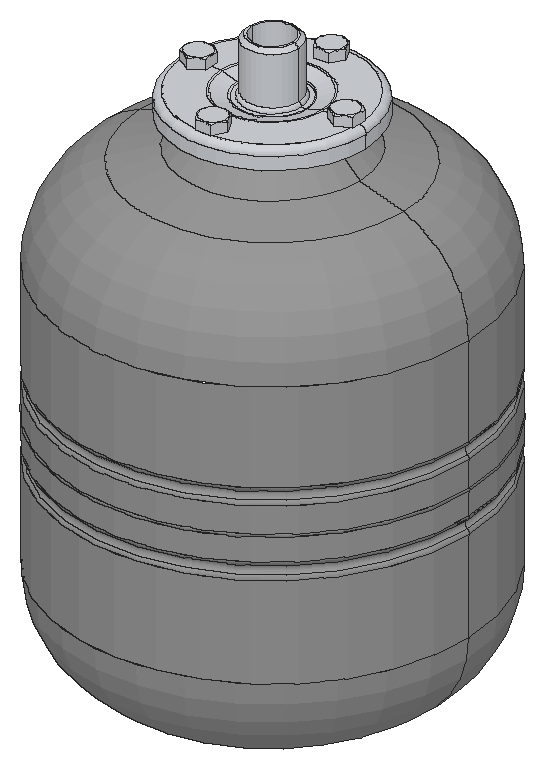
Revit family "WDV 8", category Оборудование, Revit 2014
Parameters
  Описание = "Мембранный бак для ГВС V=8л, Py=12бар, 3/4\""
  Материал крышки = Черная резина
  Материал = Белая краска
  Масса кг = "1.65"
  Крышка [instance] = yes
  Комментарии к типоразмеру = "WDV 8"
  Изготовитель = "WESTER"  # constant formula
  URL = "http://www.wester.su/"
Reference planes
  plane 1 "По центру (Вперед/Назад)": y = 0
  plane 2: z = 0
  plane 3 "По центру (Влево/Вправо)": x = 0
  plane 4: z = 161.5
Forms (mm)
  Revolve 1, solid, material "Белая краска" <- "Материал"
    sketch origin (-161.5, 0, 141.055) x (0, 0, -1) y (1, 0, 0)
      loop
        line (76.813, 261.5) -> (29.754, 261.5)
        arc (29.754, 261.5) -> (28.584, 261.203) -> (27.684, 260.4) r 2.535
        arc (27.684, 260.4) -> (25.587, 259.296) -> (23.49, 260.4) r 2.544
        arc (23.49, 260.4) -> (22.59, 261.203) -> (21.421, 261.5) r 2.535
        line (21.421, 261.5) -> (9.956, 261.5)
        arc (9.956, 261.5) -> (9.264, 261.702) -> (8.572, 261.5) r 1.285
        line (8.572, 261.5) -> (-4.277, 261.5)
        arc (-4.277, 261.5) -> (-5.446, 261.203) -> (-6.346, 260.4) r 2.535
        arc (-6.346, 260.4) -> (-8.443, 259.296) -> (-10.54, 260.4) r 2.544
        arc (-10.54, 260.4) -> (-11.44, 261.203) -> (-12.61, 261.5) r 2.535
        line (-12.61, 261.5) -> (-58.408, 261.5)
        arc (-58.408, 261.5) -> (-87.24, 252.323) -> (-105.464, 228.17) r 49.882
        arc (-105.464, 228.17) -> (-109.012, 217.207) -> (-112.001, 206.078) r 227.981
        line (-112.001, 206.078) -> (-127.507, 190.572) -> (-127.507, 161.5) -> (124.057, 161.5) -> (124.057, 168.355)
        arc (124.057, 168.355) -> (124.128, 168.929) -> (124.385, 169.448) r 1.727
        line (124.385, 169.448) -> (133.11, 181.457)
        arc (133.11, 181.457) -> (133.877, 183.027) -> (134.063, 184.765) r 5.05
        arc (134.063, 184.765) -> (130.277, 206.679) -> (124.073, 228.034) r 199.361
        arc (124.073, 228.034) -> (105.768, 252.286) -> (76.813, 261.5) r 50.104
      axis (-127.507, 161.5) -> (134.063, 161.5)
    angle from 0 to 360
  Revolve 2, solid
    sketch origin (0, 0, 0) x (1, 0, 0) y (0, 0, 1)
      loop
        line (0, 268.559) -> (47.492, 268.559) -> (47.492, 274.974)
        arc (47.492, 274.974) -> (46.496, 277.464) -> (44.023, 278.5) r 3.47
        line (44.023, 278.5) -> (26.157, 278.5)
        arc (26.157, 278.5) -> (25.726, 278.448) -> (25.304, 278.35) r 3.918
        line (25.304, 278.35) -> (17.835, 276.159)
        arc (17.835, 276.159) -> (17.456, 276.04) -> (17.06, 276) r 1.968
        line (17.06, 276) -> (14.531, 276)
        arc (14.531, 276) -> (14.187, 277.207) -> (13.224, 278.012) r 2.132
        line (13.224, 278.012) -> (13.224, 302.006) -> (11.23, 304) -> (10.273, 304) -> (10.273, 278.5) -> (0, 278.5) -> (0, 268.559)
      axis (0, 304) -> (0, 268.559)
    angle from 0 to 360
  Revolve 3, solid
    sketch origin (0, 0, 0) x (1, 0, 0) y (0, 0, 1)
      loop
        line (3.985, 0.986) -> (3.985, 12.498) -> (6.063, 12.498) -> (6.063, 16.998) -> (0, 16.998) -> (0, -0.002) -> (2.997, -0.002) -> (3.985, 0.986)
      axis (0, 16.998) -> (0, -0.002)
    angle from 0 to 360
  Revolve 4, solid, material "Черная резина" <- "Материал крышки", visible <- "Крышка"
    sketch origin (0, 0, 0) x (1, 0, 0) y (0, 0, 1)
      loop
        line (0, -1.198) -> (0, 16.998) -> (-6.855, 16.998) -> (-21.971, 6.413) -> (-14.359, -1.198) -> (0, -1.198)
      axis (0, 16.998) -> (0, -1.198)
    angle from 0 to 360
Dimensions and locks
  aligned and locked: level to plane 2
Nested families
  nested 1: "Болт" at (-37.508, 0, 278.5) x (0, -1, 0) z (0, 0, 1), type "Болт"
  nested 2: "Болт" at (0, -37.5, 278.5) x (-1, 0, 0) z (0, 0, 1), type "Болт"
  nested 3: "Болт" at (0, 37.5, 278.5) x (-1, 0, 0) z (0, 0, 1), type "Болт"
  nested 4: "Болт" at (37.492, 0, 278.5) x (0, -1, 0) z (0, 0, 1), type "Болт"
Connectors
  piping at (0, 0, 304), diameter 20
    settings: on Revolve 2, index 1, connector inside diameter 609.6 mm, connector length 0 mm, flow factor 0, pipe flow 0.0 L/s, pressure drop 0.0 Pa, fitting loss kfactor 0, connector angle 0.00°, fixture units 0, engagement length 0 mm, angle of deflection 0.00°, flow configuration 1, flow direction 0, fitting loss method 0, system type 29, joint type 0, gender type 0, connector reference index -1, connector utility 0, adjustable connector no, is connector primary yes, connector description ""
Definition of nested family "Болт"
  Parameters (values of type "Болт")
    Default Elevation = 1219.2 mm
  Reference planes
    plane 1 "По центру (Вперед/Назад)": y = 0
    plane 2: z = 0
    plane 3 "По центру (Влево/Вправо)": x = 0
  Forms (mm)
    Extrusion 1, solid
      sketch origin (0, 0, 0) x (1, 0, 0) y (0, 1, 0)
        loop
          line (-1219.2, 1219.2) -> (-1219.2, -1219.2) -> (1219.2, -1219.2) -> (1219.2, 1219.2) -> (-1219.2, 1219.2)
      from 0 to -304.8
    Extrusion 2, solid, detail levels medium+fine
      sketch origin (0, 0, 0) x (0, 1, 0) y (-1, 0, 0)
        loop
          line (-6.5, -3.753) -> (0, -7.506) -> (6.5, -3.753) -> (6.5, 3.753) -> (0, 7.506) -> (-6.5, 3.753) -> (-6.5, -3.753)
      from 0 to 5.3
    Extrusion 3, solid, detail levels medium+fine
      sketch origin (0, 0, 0) x (1, 0, 0) y (0, 1, 0)
        loop
          circle (0, 0) r 4
      from -14 to 0
    Revolve 4, void
      sketch origin (0, 0, 0) x (1, 0, 0) y (0, 0, 1)
        loop
          line (-7.506, 4.447) -> (-6.413, 5.3) -> (-7.506, 5.3) -> (-7.506, 4.447)
        axis (0, 5.3) -> (0, 4.3)
      angle from 0 to 360
    Revolve 5, void
      sketch origin (0, 0, 0) x (1, 0, 0) y (0, 0, 1)
        loop
          line (-4, -14) -> (-2.365, -14) -> (-4, -12.365) -> (-4, -14)
        axis (0, -12.365) -> (0, -14)
      angle from 0 to 360
  Cuts and joins
    Revolve 4 cuts Extrusion 2
    Revolve 5 cuts Extrusion 3
    joined: Extrusion 2, Extrusion 3
  Dimensions and locks
    aligned and locked: plane 2 to Extrusion 1
    aligned and locked: level to Extrusion 1
    aligned and locked: Revolve 4 sketch curve to plane 3 "По центру (Влево/Вправо)"
    aligned and locked: cut or joined group of Extrusion 2, Extrusion 3, Revolve 4, Revolve 5 to Revolve 4 sketch curve
